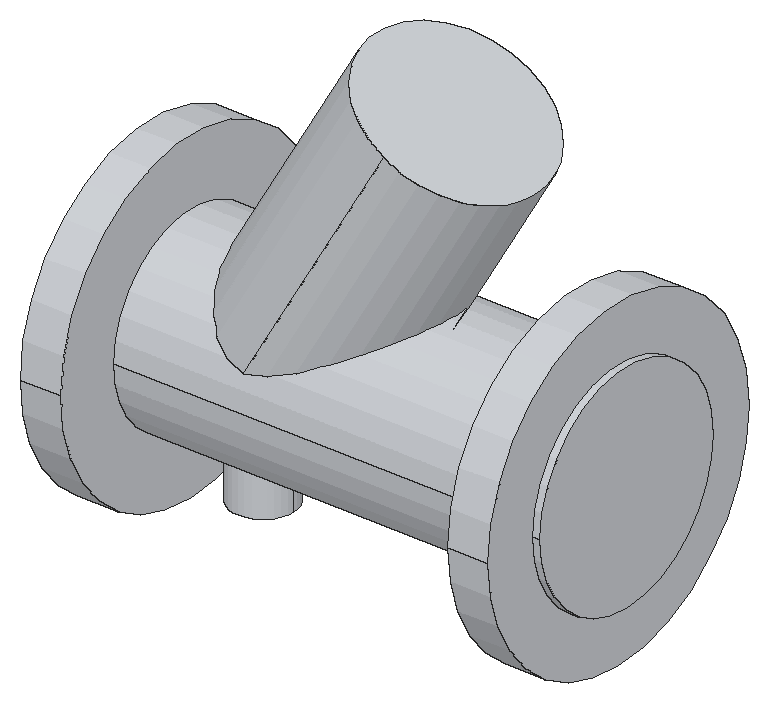
Revit family "HS 821-síto_jemné-PN25-DN100-RFA_2018", category Pipe Accessories, Revit 2018
Family settings
  Round Connector Dimension = Use Diameter
  Part Type = Breaks Into
  Work Plane-Based = No
  Always vertical = Yes
  Cut with Voids When Loaded = No
  Shared = No
Parameters (values of type "821D-DN100-PN25-síto_jemné")
  magiProductId = "175ca87a506b40b3bc6b82f12f33cf"
  magiProductFamilyId = "79214ac3aaa945e397802f559f5c1e"
  magiPartTypeId = 307
  isMeasuringValve [instance] = no
  ang2D [instance] = 0.00°
  ZB__ve = -ZB  # -37.25 mm
  ZB1 = 63.18 mm
  ZB = 37.25 mm
  X2 = 114.857 mm
  X1 = 49 mm
  W2D = 15 mm
  VersionID = "2.0/2017.9.26.1/ZETKAMA_821_001"
  Use Minimum Symbol Size [instance] = yes
  URL = "www.hydronic.cz"
  Type Comments = "Filtr přírubový; síto jemné; A-PN16 (-10~300°C); D-PN25 (-10~350°C); F-PN40 (-10~400°C)"
  S = 156 mm
  QmdConnectorList = "301;D;302;D"
  Productdata [instance] = ""
  Manufacturer = "Hydronic Systems Prague s.r.o."
  MC Product Code = "210 290 (821D; DN100; PN25; kvs206,4; oko síta 0,63mm)"
  LM1 = 28 mm
  LM = 280 mm
  L4 = 87.5 mm
  L2D_Min = 3048 mm
  L2D = 130 mm
  L2 = 175 mm
  HH2 = 198.937 mm
  FD = 235 mm
  Description = "Filtr přírubový; síto jemné; 821A-PN16; 821D-PN25; 821F-PN40"
  DM1 = 131.4 mm
  DM = 140.4 mm
  D = 100 mm
  CC = 5.95 mm
  CAT0 = yes
  C1 = 29.05 mm
  C = 35 mm
  BD = 44.226 mm
Types (40, lengths in mm): name | magiProductId | ZB__ve | ZB1 | ZB | X2 | X1 | S | MC Product Code | LM1 | LM | L4 | L2 | HH2 | FD | DM1 | DM | D | CC | C1 | C | BD
  821A-DN015-PN16-síto_jemné | "a71bcfe8b393460598b23e8ddf7dc5" | -16.25 | 18.63 | 16.25 | 46.982 | 18.2 | 46 | "210 115 (821A; DN015; PN16; kvs6,2; oko síta 0,63mm)" | 10.4 | 104 | 32.5 | 65 | 81.375 | 95 | 27.6 | 41.4 | 15 | 2.21 | 10.79 | 13 | 13.041
  821A-DN020-PN16-síto_jemné | "41cd6c7a12924f4991217528336076" | -17.75 | 22.68 | 17.75 | 51.673 | 21 | 56 | "210 120 (821A; DN020; PN16; kvs9,6; oko síta 0,63mm)" | 12 | 120 | 37.5 | 75 | 89.5 | 105 | 33.6 | 50.4 | 20 | 2.55 | 12.45 | 15 | 15.876
  821A-DN025-PN16-síto_jemné | "be378b463ed14c3abf4c9b3ae8cf3a" | -19.25 | 26.325 | 19.25 | 58.601 | 22.4 | 65 | "210 125 (821A; DN025; PN16; kvs14,2; oko síta 0,63mm)" | 12.8 | 128 | 40 | 80 | 101.5 | 115 | 43.2 | 58.5 | 25 | 2.72 | 13.28 | 16 | 18.427
  821A-DN032-PN16-síto_jemné | "227a0d18b21540afabe8b6067d35fa" | -23 | 30.78 | 23 | 68.849 | 25.2 | 76 | "210 132 (821A; DN032; PN16; kvs23,1; oko síta 0,63mm)" | 14.4 | 144 | 45 | 90 | 119.25 | 140 | 50.4 | 68.4 | 32 | 3.06 | 14.94 | 18 | 21.546
  821A-DN040-PN16-síto_jemné | "d106917c74724141a10440112d0102" | -24.5 | 34.02 | 24.5 | 75.777 | 28 | 84 | "210 140 (821A; DN040; PN16; kvs36,6; oko síta 0,63mm)" | 16 | 160 | 50 | 100 | 131.25 | 150 | 60 | 75.6 | 40 | 3.4 | 16.6 | 20 | 23.814
  821A-DN050-PN16-síto_jemné | "8255d456a09e4f6486734f5dd9171b" | -26.75 | 40.095 | 26.75 | 79.061 | 32.2 | 99 | "210 150 (821A; DN050 PN16; kvs53,7; oko síta 0,63mm)" | 18.4 | 184 | 57.5 | 115 | 136.938 | 165 | 73.8 | 89.1 | 50 | 3.91 | 19.09 | 23 | 28.066
  821A-DN065-PN16-síto_jemné | "235b1b3e4c0843779a4d5e3716d40a" | -29.75 | 47.79 | 29.75 | 86.927 | 40.6 | 118 | "210 165 (821A; DN065; PN16; kvs95,1; oko síta 0,63mm)" | 23.2 | 232 | 72.5 | 145 | 150.562 | 185 | 94.2 | 106.2 | 65 | 4.93 | 24.07 | 29 | 33.453
  821A-DN080-PN16-síto_jemné | "a067f7c5236348ed8c820d16df7214" | -32 | 53.46 | 32 | 104.753 | 43.4 | 132 | "210 180 (821A; DN080; PN16; kvs137,1; oko síta 0,63mm)" | 24.8 | 248 | 77.5 | 155 | 181.438 | 200 | 107.4 | 118.8 | 80 | 5.27 | 25.73 | 31 | 37.422
  821A-DN100-PN16-síto_jemné | "c49a648c2747461285837d643703cd" | -35 | 63.18 | 35 | 114.857 | 49 | 156 | "210 190 (821A; DN100; PN16; kvs206,4; oko síta 0,63mm)" | 28 | 280 | 87.5 | 175 | 198.937 | 220 | 131.4 | 140.4 | 100 | 5.95 | 29.05 | 35 | 44.226
  821A-DN125-PN16-síto_jemné | "bf68e728a163493cbd2a663b26ebdc" | -39.5 | 74.52 | 39.5 | 131.888 | 56 | 184 | "210 191 (821A; DN125; PN16; kvs268,8; oko síta 0,63mm)" | 32 | 320 | 100 | 200 | 228.438 | 250 | 165 | 165.6 | 125 | 6.8 | 33.2 | 40 | 52.164
  821A-DN150-PN16-síto_jemné | "2de770284b654863ae6bc865769dc5" | -44.75 | 85.455 | 44.75 | 155.885 | 67.2 | 211 | "210 192 (821A; DN150; PN16; kvs401,4; oko síta 0,63mm)" | 38.4 | 384 | 120 | 240 | 270 | 285 | 192 | 189.9 | 150 | 8.16 | 39.84 | 48 | 59.818
  821A-DN200-PN16-síto_jemné | "8e5693371ab64aabb29a7f08c76e15" | -53 | 107.73 | 53 | 188.361 | 84 | 266 | "210 193 (821A; DN200; PN16; kvs706,7; oko síta 0,63mm)" | 48 | 480 | 150 | 300 | 326.25 | 340 | 252 | 239.4 | 200 | 10.2 | 49.8 | 60 | 75.411
  821A-DN250-PN16-síto_jemné | "05e37ed948c34047acdd4c42556504" | -62.75 | 129.195 | 62.75 | 255.911 | 102.2 | 319 | "210 194 (821A; DN250; PN16; kvs1229,4; oko síta 0,63mm)" | 58.4 | 584 | 182.5 | 365 | 443.25 | 405 | 309.6 | 287.1 | 250 | 12.41 | 60.59 | 73 | 90.436
  821A-DN300-PN16-síto_jemné | "9ad0af747269428da925480d83ce80" | -71 | 149.85 | 71 | 325.914 | 119 | 370 | "210 195 (821A; DN300; PN16; kvs1902,4; oko síta 0,63mm)" | 68 | 680 | 212.5 | 425 | 564.5 | 460 | 369.6 | 333 | 300 | 14.45 | 70.55 | 85 | 104.895
  821A-DN350-PN16-síto_jemné | "eebc71459bb3451bb4355e7951370a" | -80 | 173.745 | 80 | 356.875 | 137.2 | 429 | "200 196 (821A; DN350; PN16; kvs2611,0; oko síta 0,63mm)" | 78.4 | 784 | 245 | 490 | 618.125 | 520 | 438 | 386.1 | 350 | 16.66 | 81.34 | 98 | 121.621
  821A-DN400-PN16-síto_jemné | "d2f677cb196647e385b2590e7d8abe" | -89 | 194.4 | 89 | 392.237 | 154 | 480 | "210 197 (821A; DN400; PN16; kvs3438,4; oko síta 0,63mm)" | 88 | 880 | 275 | 550 | 679.375 | 580 | 498 | 432 | 400 | 18.7 | 91.3 | 110 | 136.08
  821D-DN015-PN25-síto_jemné | "27ddcbf555414f8ca1fde329bf9087" | -16.25 | 18.63 | 16.25 | 46.982 | 18.2 | 46 | "210 215 (821D; DN015; PN25; kvs6,2; oko síta 0,63mm)" | 10.4 | 104 | 32.5 | 65 | 81.375 | 95 | 27.6 | 41.4 | 15 | 2.21 | 10.79 | 13 | 13.041
  821D-DN020-PN25-síto_jemné | "270e0f14012f47189cd0235c18faee" | -17.75 | 22.68 | 17.75 | 51.673 | 21 | 56 | "210 220 (821D; DN020; PN25; kvs9,6; oko síta 0,63mm)" | 12 | 120 | 37.5 | 75 | 89.5 | 105 | 33.6 | 50.4 | 20 | 2.55 | 12.45 | 15 | 15.876
  821D-DN025-PN25-síto_jemné | "b9a7fb4aa36643878c637d8e1ab992" | -19.25 | 26.325 | 19.25 | 58.601 | 22.4 | 65 | "210 225 (821D; DN025; PN25; kvs14,2; oko síta 0,63mm)" | 12.8 | 128 | 40 | 80 | 101.5 | 115 | 43.2 | 58.5 | 25 | 2.72 | 13.28 | 16 | 18.427
  821D-DN032-PN25-síto_jemné | "6be9a55c4e68400f94eec7e804204c" | -23 | 30.78 | 23 | 68.849 | 25.2 | 76 | "210 232 (821D; DN032; PN25; kvs23,1; oko síta 0,63mm)" | 14.4 | 144 | 45 | 90 | 119.25 | 140 | 50.4 | 68.4 | 32 | 3.06 | 14.94 | 18 | 21.546
  821D-DN040-PN25-síto_jemné | "c54511bd7f584ec2984291479612cb" | -24.5 | 34.02 | 24.5 | 75.777 | 28 | 84 | "210 240 (821D; DN040; PN25; kvs36,6; oko síta 0,63mm)" | 16 | 160 | 50 | 100 | 131.25 | 150 | 60 | 75.6 | 40 | 3.4 | 16.6 | 20 | 23.814
  821D-DN050-PN25-síto_jemné | "5483b1f596b04cd39b23a14a22c90e" | -26.75 | 40.095 | 26.75 | 79.061 | 32.2 | 99 | "210 250 (821D; DN050; PN25; kvs53,7; oko síta 0,63mm)" | 18.4 | 184 | 57.5 | 115 | 136.938 | 165 | 73.8 | 89.1 | 50 | 3.91 | 19.09 | 23 | 28.066
  821D-DN065-PN25-síto_jemné | "767b0f8318e94750bc7a9930ed5b30" | -29.75 | 47.79 | 29.75 | 86.927 | 40.6 | 118 | "210 265 (821D; DN065; PN25; kvs95,1; oko síta 0,63mm)" | 23.2 | 232 | 72.5 | 145 | 150.562 | 185 | 94.2 | 106.2 | 65 | 4.93 | 24.07 | 29 | 33.453
  821D-DN080-PN25-síto_jemné | "e21040fa3cc2404b858198f6b73709" | -32 | 53.46 | 32 | 104.753 | 43.4 | 132 | "210 280 (821D; DN080; PN25; kvs137,1; oko síta 0,63mm)" | 24.8 | 248 | 77.5 | 155 | 181.438 | 200 | 107.4 | 118.8 | 80 | 5.27 | 25.73 | 31 | 37.422
  821D-DN100-PN25-síto_jemné | "175ca87a506b40b3bc6b82f12f33cf" | -37.25 | 63.18 | 37.25 | 114.857 | 49 | 156 | "210 290 (821D; DN100; PN25; kvs206,4; oko síta 0,63mm)" | 28 | 280 | 87.5 | 175 | 198.937 | 235 | 131.4 | 140.4 | 100 | 5.95 | 29.05 | 35 | 44.226
  821D-DN125-PN25-síto_jemné | "77cc98d60da24855999a22dff726b2" | -42.5 | 74.52 | 42.5 | 131.888 | 56 | 184 | "210 291 (821D; DN125; PN25; kvs268,8; oko síta 0,63mm)" | 32 | 320 | 100 | 200 | 228.438 | 270 | 165 | 165.6 | 125 | 6.8 | 33.2 | 40 | 52.164
  821D-DN150-PN25-síto_jemné | "9cf8acfcd15547d68e83172d3abcbe" | -47 | 85.455 | 47 | 155.885 | 67.2 | 211 | "210 292 (821D; DN150; PN25; kvs401,4; oko síta 0,63mm)" | 38.4 | 384 | 120 | 240 | 270 | 300 | 192 | 189.9 | 150 | 8.16 | 39.84 | 48 | 59.818
  821D-DN200-PN25-síto_jemné | "16973f3c9ea14389ba8602495a6b64" | -56 | 110.97 | 56 | 188.361 | 84 | 274 | "210 293 (821D; DN200; PN25; kvs706,7; oko síta 0,63mm)" | 48 | 480 | 150 | 300 | 326.25 | 360 | 252 | 246.6 | 200 | 10.2 | 49.8 | 60 | 77.679
  821F-DN015-PN40-síto_jemné | "4c7eaf3c4c0340888b3e684d8a8616" | -16.25 | 18.225 | 16.25 | 46.982 | 18.2 | 45 | "250 615 (821F; DN015; PN40; kvs6,2; oko síta 0,63mm)" | 10.4 | 104 | 32.5 | 65 | 81.375 | 95 | 27.6 | 40.5 | 15 | 2.21 | 10.79 | 13 | 12.757
  821F-DN020-PN40-síto_jemné | "aaac5f1ec96b44d6ba96ac2293d66d" | -17.75 | 23.49 | 17.75 | 51.673 | 21 | 58 | "250 620 (821F; DN020; PN40; kvs9,6; oko síta 0,63mm)" | 12 | 120 | 37.5 | 75 | 89.5 | 105 | 33.6 | 52.2 | 20 | 2.55 | 12.45 | 15 | 16.443
  821F-DN025-PN40-síto_jemné | "504768023968471481789485b54c7e" | -19.25 | 27.54 | 19.25 | 58.601 | 22.4 | 68 | "250 625 (821F; DN025; PN40; kvs14,2; oko síta 0,63mm)" | 12.8 | 128 | 40 | 80 | 101.5 | 115 | 43.2 | 61.2 | 25 | 2.72 | 13.28 | 16 | 19.278
  821F-DN032-PN40-síto_jemné | "165e7f39cf744f329bdf1c400dad12" | -23 | 31.59 | 23 | 68.849 | 25.2 | 78 | "250 632 (821F; DN032; PN40; kvs23,1; oko síta 0,63mm)" | 14.4 | 144 | 45 | 90 | 119.25 | 140 | 50.4 | 70.2 | 32 | 3.06 | 14.94 | 18 | 22.113
  821F-DN040-PN40-síto_jemné | "b8903f952089408fbf3a5a632bab1f" | -24.5 | 35.64 | 24.5 | 75.777 | 28 | 88 | "250 640 (821F; DN040; PN40; kvs36,6; oko síta 0,63mm)" | 16 | 160 | 50 | 100 | 131.25 | 150 | 60 | 79.2 | 40 | 3.4 | 16.6 | 20 | 24.948
  821F-DN050-PN40-síto_jemné | "c451f97266fe48da8f879cb6a2bd44" | -26.75 | 41.31 | 26.75 | 79.061 | 32.2 | 102 | "250 650 (821F; DN050; PN40; kvs53,7; oko síta 0,63mm)" | 18.4 | 184 | 57.5 | 115 | 136.938 | 165 | 73.8 | 91.8 | 50 | 3.91 | 19.09 | 23 | 28.917
  821F-DN065-PN40-síto_jemné | "dc9821e3f9b34e128f6a8c6b34c198" | -29.75 | 49.41 | 29.75 | 86.927 | 40.6 | 122 | "250 665 (821F; DN065; PN40; kvs95,1; oko síta 0,63mm)" | 23.2 | 232 | 72.5 | 145 | 150.562 | 185 | 94.2 | 109.8 | 65 | 4.93 | 24.07 | 29 | 34.587
  821F-DN080-PN40-síto_jemné | "689aa1e260f84cf4994f027a1d86b5" | -32 | 55.89 | 32 | 104.753 | 43.4 | 138 | "250 680 (821F; DN080; PN40; kvs137,1; oko síta 0,63mm)" | 24.8 | 248 | 77.5 | 155 | 181.438 | 200 | 107.4 | 124.2 | 80 | 5.27 | 25.73 | 31 | 39.123
  821F-DN100-PN40-síto_jemné | "8a45d4e8e2ab425f8c432f21d684f3" | -37.25 | 65.61 | 37.25 | 114.857 | 49 | 162 | "250 690 (821F; DN100; PN40; kvs206,4; oko síta 0,63mm)" | 28 | 280 | 87.5 | 175 | 198.937 | 235 | 131.4 | 145.8 | 100 | 5.95 | 29.05 | 35 | 45.927
  821F-DN125-PN40-síto_jemné | "cf073904c006406b8645afa67ea2fc" | -42.5 | 76.14 | 42.5 | 131.888 | 56 | 188 | "250 691 (821F; DN125; PN40; kvs268,8; oko síta 0,63mm)" | 32 | 320 | 100 | 200 | 228.438 | 270 | 165 | 169.2 | 125 | 6.8 | 33.2 | 40 | 53.298
  821F-DN150-PN40-síto_jemné | "0153b9ddabe14992a630484929fdbc" | -47 | 88.29 | 47 | 155.885 | 67.2 | 218 | "250 692 (821F; DN150; PN40; kvs401,4; oko síta 0,63mm)" | 38.4 | 384 | 120 | 240 | 270 | 300 | 192 | 196.2 | 150 | 8.16 | 39.84 | 48 | 61.803
  821F-DN200-PN40-síto_jemné | "7fb3fc01dd8d42428c203e3f8dd4d5" | -56 | 115.425 | 56 | 188.361 | 84 | 285 | "250 693 (821F; DN200; PN40; kvs706,7; oko síta 0,63mm)" | 48 | 480 | 150 | 300 | 326.25 | 360 | 252 | 256.5 | 200 | 10.2 | 49.8 | 60 | 80.797
Reference planes
  plane 1 "Center (Front/Back)": y = 0
  plane 2 "XYPLANE": z = 0
  plane 3 "Center (Left/Right)": x = 0
  plane 4 "109": x = -112
  plane 5 "108": x = 140
  plane 6 "107": x = -140
  plane 7 "105": x = 175
  plane 8 "104": x = -175
  plane 9 "103": y = 0
  plane 10 "102": z = 0
  plane 11 "101": x = -169.05
  plane 12 "100": x = 169.05
  plane 13 "11": x = -63
  plane 14 "10": z = 198.937
  plane 15 "9": x = 51.857
  plane 16 "5": z = -63.18
  plane 17 "4": x = -87.5
  plane 18 "1": x = 87.5
Forms (mm)
  Extrusion 1, solid, visible <- "CAT0"
    sketch origin (-140, -750, 0) x (0, 1, 0) y (0, 0, 1)
      loop
        circle (750, 0) r 70.2
    from 0 to 280 <- "LM"
  Extrusion 2, solid
    sketch origin (-175, -750, 0) x (0, 1, 0) y (0, 0, 1)
      loop
        circle (750, 0) r 78
    from 0 to 5.95 <- "CC"
  Extrusion 3, solid
    sketch origin (-169.05, -750, 0) x (0, 1, 0) y (0, 0, 1)
      loop
        circle (750, 0) r 117.5
    from 0 to 29.05 <- "C1"
  Extrusion 4, solid
    sketch origin (140, -750, 0) x (0, 1, 0) y (0, 0, 1)
      loop
        circle (750, 0) r 117.5
    from 0 to 29.05 <- "C1"
  Extrusion 5, solid
    sketch origin (169.05, -750, 0) x (0, 1, 0) y (0, 0, 1)
      loop
        circle (750, 0) r 78
    from 0 to 5.95 <- "CC"
  Sweep 6, solid, visible <- "CAT0"
    path origin (750, 0, 0) x (-1, 0, 0) y (0, 0, 1)
      loop
        line (890, 0) -> (813, 0) -> (698.143, 198.937)
    profile origin (-140, 0, 0) x (0, 0, -1) y (0, 1, 0)
      loop
        circle (0, 0) r 65.7
  Extrusion 7, solid, visible <- "CAT0"
    sketch origin (-750, 0, -63.18) x (1, 0, 0) y (0, 1, 0)
      loop
        circle (662.5, 0) r 22.113
    from 0 to -37.25 <- "ZB__ve"
  Extrusion 8, solid, visible <- "CAT0"
    sketch origin (-750, 0, -63.18) x (1, 0, 0) y (0, 1, 0)
      loop
        circle (837.5, 0) r 22.113
    from 0 to -37.25 <- "ZB__ve"
  Extrusion 9, solid, not visible
    sketch origin (175, -750, 0) x (0, 1, 0) y (0, 0, 1)
      loop
        circle (750, 0) r 10
    from 0 to -10
  Extrusion 10, solid, not visible
    sketch origin (-175, -750, 0) x (0, 1, 0) y (0, 0, 1)
      loop
        circle (750, 0) r 10
    from 0 to 10
Lines and regions (mm)
  reference lines, not visible
    curve 1: circle (2, 2, 0) r 1 normal (0, 0, 1)
Dimensions and locks
  plane 1 "Center (Front/Back)" to curve 1 = 2 mm
  "LM1": plane 6 "107" to plane 4 "109"
  "LM": plane 6 "107" to plane 5 "108"
  "C": plane 8 "104" to plane 6 "107"
  "L2": plane 3 "Center (Left/Right)" to plane 7 "105"
  "L2": plane 3 "Center (Left/Right)" to plane 8 "104"
  locked: plane 1 "Center (Front/Back)" to plane 9 "103"
  locked: plane 2 "XYPLANE" to plane 10 "102"
  "CC": plane 8 "104" to plane 11 "101"
  "C1": plane 5 "108" to plane 12 "100"
  "X1": plane 4 "109" to plane 13 "11"
  "HH2": plane 2 "XYPLANE" to plane 14 "10"
  "X2": plane 13 "11" to plane 15 "9"
  "ZB1": plane 2 "XYPLANE" to plane 16 "5"
  "L4": plane 8 "104" to plane 17 "4"
  "L2": plane 17 "4" to plane 18 "1"
  Sweep 6 sketch curve to Sweep 6 sketch curve = 0 mm  (x2)
  "DM": diameter of Extrusion 1 sketch curve
  "S": diameter of Extrusion 2 sketch curve
  "FD": diameter of Extrusion 3 sketch curve
  "FD": diameter of Extrusion 4 sketch curve
  "S": diameter of Extrusion 5 sketch curve
  "DM1": diameter of Sweep 6 sketch curve
  "BD": diameter of Extrusion 7 sketch curve
  "BD": diameter of Extrusion 8 sketch curve
  aligned and locked: level to plane 2 "XYPLANE"
  aligned and locked: Extrusion 1 sketch curve to plane 9 "103"
  aligned and locked: plane 10 "102" to Extrusion 1 sketch curve
  aligned and locked: Extrusion 2 sketch curve to plane 9 "103"
  aligned and locked: plane 10 "102" to Extrusion 2 sketch curve
  aligned and locked: Extrusion 3 sketch curve to plane 9 "103"
  aligned and locked: plane 10 "102" to Extrusion 3 sketch curve
  aligned and locked: Extrusion 4 sketch curve to plane 9 "103"
  aligned and locked: plane 10 "102" to Extrusion 4 sketch curve
  aligned and locked: Extrusion 5 sketch curve to plane 9 "103"
  aligned and locked: plane 10 "102" to Extrusion 5 sketch curve
  aligned and locked: Sweep 6 sketch curve to plane 9 "103"
  aligned and locked: plane 10 "102" to Sweep 6 sketch curve  (x3)
  aligned and locked: plane 6 "107" to Sweep 6 sketch curve
  aligned and locked: plane 13 "11" to Sweep 6 sketch curve
  aligned and locked: plane 14 "10" to Sweep 6 sketch curve
  aligned and locked: plane 15 "9" to Sweep 6 sketch curve
  aligned and locked: plane 9 "103" to Extrusion 7 sketch curve
  aligned and locked: plane 17 "4" to Extrusion 7 sketch curve
  aligned and locked: plane 9 "103" to Extrusion 8 sketch curve
  aligned and locked: plane 18 "1" to Extrusion 8 sketch curve
  aligned and locked: Extrusion 9 sketch curve to plane 9 "103"
  aligned and locked: plane 10 "102" to Extrusion 9 sketch curve
  aligned and locked: Extrusion 10 sketch curve to plane 9 "103"
  aligned and locked: plane 10 "102" to Extrusion 10 sketch curve
Automatic sketch dimensions
  plane 1 "Center (Front/Back)" to Extrusion 9 sketch curve = 10 mm
  plane 1 "Center (Front/Back)" to Extrusion 10 sketch curve = 10 mm
  plane 3 "Center (Left/Right)" to curve 1 = 2 mm
  radius of curve 1 = 1 mm
Connectors
  piping at (-175, 0, 0), diameter 100, driven by "D"
    settings: on Extrusion 10, index 1, connector inside diameter 609.6 mm, connector length 0 mm, flow factor 0, pipe flow 0.0 L/s, pressure drop 0.0 Pa, fitting loss kfactor 0, connector angle 0.00°, fixture units 0, engagement length 0 mm, angle of deflection 0.00°, flow configuration 0, flow direction 0, fitting loss method 0, system type 29, joint type 0, gender type 0, connector reference index 2, connector utility 0, adjustable connector no, is connector primary yes, connector description ""
  piping at (175, 0, 0), diameter 100, driven by "D"
    settings: on Extrusion 9, index 2, connector inside diameter 609.6 mm, connector length 0 mm, flow factor 0, pipe flow 0.0 L/s, pressure drop 0.0 Pa, fitting loss kfactor 0, connector angle 0.00°, fixture units 0, engagement length 0 mm, angle of deflection 0.00°, flow configuration 0, flow direction 0, fitting loss method 0, system type 29, joint type 0, gender type 0, connector reference index 1, connector utility 0, adjustable connector no, is connector primary no, connector description ""
